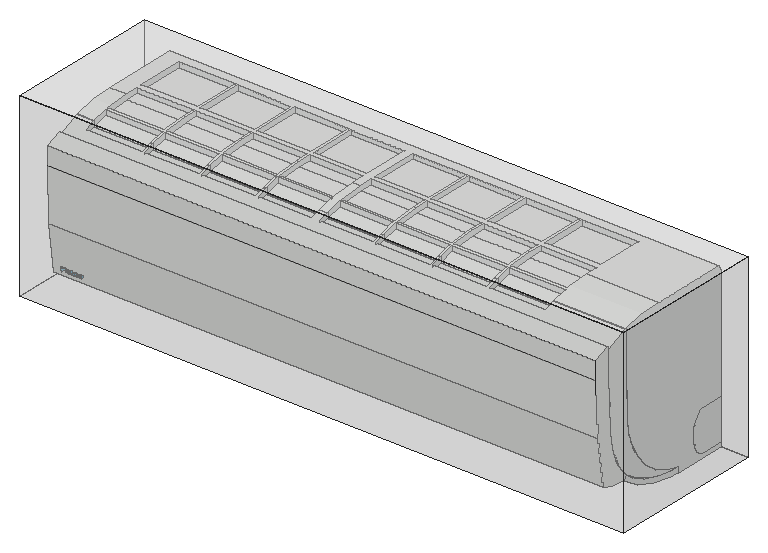
Revit family "outputfile", category 機械設備, Revit 2024
Family settings
  丸型コネクタ寸法 = 半径を使用
  パーツ タイプ = 標準
  OmniClass 番号 = 23.75.10.24.21.27.27
  OmniClass タイトル = Split System Air Conditioning Units
  作業面ベース = いいえ
  常に垂直 = はい
  ロード時にボイドで切り取り = いいえ
  注釈の向きを維持 = いいえ
  共有 = いいえ
  部屋計算ポイント = いいえ
Parameters (values of type "FTKC71TVM4")
  Description = ""
  書き出し IFC クラス(タイプ) = "IfcUnitaryEquipmentType"
  定義済み IFC タイプ(タイプ) = "AIRCONDITIONINGUNIT"
  Cost = 0
  Type Comments = ""
  Keynote = ""
  Type Image = (empty or 0)
  Assembly Code = ""
  w_wall hole = if(Width = 770.0 mm, 48.0 mm, 60.0 mm)  # 60.0 mm
  製造元 = "Daikin"
  モデル = "FTKC71TVM4"
  switch_frequency = yes
  r_Liquid Pipe Size = Liquid Pipe Size / 2  # 3.2 mm
  r_Gas Pipe Size = Gas Pipe Size / 2  # 7.95 mm
  r_Drain Pipe Size = Drain Pipe Size / 2  # 8.0 mm
  lw_powersupply [instance] = if(Width = 770.0 mm, if(or(Rear Right Connection_refrigerant, Bottom Right Connection_refrigerant), 30.0 mm, if(or(Rear Left Connection_refrigerant, Bottom Left Connection_refrigerant), 740.0 mm, 385.0 mm)), if(Width = 990.0 mm, if(or(Rear Right Connection_refrigerant, Bottom Right Connection_refrigerant), 80.0 mm, if(or(Rear Left Connection_refrigerant, Bottom Left Connection_refrigerant), 920.0 mm, 495.0 mm)), if(or(Rear Right Connection_refrigerant, Bottom Right Connection_refrigerant), 80.0 mm, if(or(Rear Left Connection_refrigerant, Bottom Left Connection_refrigerant), 920.0 mm, 495.0 mm))))  # 495.0 mm
  lw_liquidpipe [instance] = if(Width = 770.0 mm, if(or(Rear Right Connection_refrigerant, Bottom Right Connection_refrigerant), 0.0 mm, if(or(Rear Left Connection_refrigerant, Bottom Left Connection_refrigerant), 674.0 mm, 400.0 mm)), if(Width = 990.0 mm, if(or(Rear Right Connection_refrigerant, Bottom Right Connection_refrigerant), 9.0 mm, if(or(Rear Left Connection_refrigerant, Bottom Left Connection_refrigerant), 871.0 mm, 475.0 mm)), if(or(Rear Right Connection_refrigerant, Bottom Right Connection_refrigerant), 9.0 mm, if(or(Rear Left Connection_refrigerant, Bottom Left Connection_refrigerant), 871.0 mm, 475.0 mm))))  # 475.0 mm
  lw_gaspipe [instance] = if(Width = 770.0 mm, if(or(Rear Right Connection_refrigerant, Bottom Right Connection_refrigerant), 0.0 mm, if(or(Rear Left Connection_refrigerant, Bottom Left Connection_refrigerant), 674.0 mm, 350.0 mm)), if(Width = 990.0 mm, if(or(Rear Right Connection_refrigerant, Bottom Right Connection_refrigerant), 0.0 mm, if(or(Rear Left Connection_refrigerant, Bottom Left Connection_refrigerant), 880.0 mm, 400.0 mm)), if(or(Rear Right Connection_refrigerant, Bottom Right Connection_refrigerant), 0.0 mm, if(or(Rear Left Connection_refrigerant, Bottom Left Connection_refrigerant), 880.0 mm, 400.0 mm))))  # 400.0 mm
  lw_drainpipe [instance] = if(Width = 770.0 mm, if(or(Rear Right Connection_refrigerant, Bottom Right Connection_refrigerant), 0.0 mm, if(or(Rear Left Connection_refrigerant, Bottom Left Connection_refrigerant), 674.0 mm, 465.0 mm)), if(Width = 990.0 mm, if(or(Rear Right Connection_refrigerant, Bottom Right Connection_refrigerant), 0.0 mm, if(or(Rear Left Connection_refrigerant, Bottom Left Connection_refrigerant), 880.0 mm, 435.0 mm)), if(or(Rear Right Connection_refrigerant, Bottom Right Connection_refrigerant), 0.0 mm, if(or(Rear Left Connection_refrigerant, Bottom Left Connection_refrigerant), 880.0 mm, 435.0 mm))))  # 435.0 mm
  l_powersupply_length [instance] = if(Width = 770.0 mm, if(Right Connection_refrigerant, 385.0 mm, if(Left Connection_refrigerant, 385.0 mm, if(or(Rear Left Connection_refrigerant, Rear Right Connection_refrigerant), 15.0 mm, 50.0 mm))), if(Width = 990.0 mm, if(Right Connection_refrigerant, 495.0 mm, if(Left Connection_refrigerant, 495.0 mm, if(or(Rear Left Connection_refrigerant, Rear Right Connection_refrigerant), 15.0 mm, 50.0 mm))), if(Right Connection_refrigerant, 495.0 mm, if(Left Connection_refrigerant, 495.0 mm, if(or(Rear Left Connection_refrigerant, Rear Right Connection_refrigerant), 15.0 mm, 50.0 mm)))))  # 495.0 mm
  l_liquidpipe_length [instance] = if(Width = 770.0 mm, if(Right Connection_refrigerant, 448.0 mm, if(Left Connection_refrigerant, 322.0 mm, if(or(Rear Left Connection_refrigerant, Rear Right Connection_refrigerant), 30.0 mm, 40.0 mm))), if(Width = 990.0 mm, if(Right Connection_refrigerant, 535.0 mm, if(Left Connection_refrigerant, 455.0 mm, if(or(Rear Left Connection_refrigerant, Rear Right Connection_refrigerant), 30.0 mm, 40.0 mm))), if(Right Connection_refrigerant, 535.0 mm, if(Left Connection_refrigerant, 455.0 mm, if(or(Rear Left Connection_refrigerant, Rear Right Connection_refrigerant), 30.0 mm, 40.0 mm)))))  # 535.0 mm
  l_gaspipe_length [instance] = if(Width = 770.0 mm, if(Right Connection_refrigerant, 398.0 mm, if(Left Connection_refrigerant, 372.0 mm, if(or(Rear Left Connection_refrigerant, Rear Right Connection_refrigerant), 40.0 mm, 50.0 mm))), if(Width = 990.0 mm, if(Right Connection_refrigerant, 460.0 mm, if(Left Connection_refrigerant, 530.0 mm, if(or(Rear Left Connection_refrigerant, Rear Right Connection_refrigerant), 40.0 mm, 50.0 mm))), if(Right Connection_refrigerant, 460.0 mm, if(Left Connection_refrigerant, 530.0 mm, if(or(Rear Left Connection_refrigerant, Rear Right Connection_refrigerant), 40.0 mm, 50.0 mm)))))  # 460.0 mm
  l_drainpipe_length [instance] = if(Width = 770.0 mm, if(Right Connection_refrigerant, 513.0 mm, if(Left Connection_refrigerant, 257.0 mm, if(or(Rear Left Connection_refrigerant, Rear Right Connection_refrigerant), 15.0 mm, 20.0 mm))), if(Width = 990.0 mm, if(Right Connection_refrigerant, 495.0 mm, if(Left Connection_refrigerant, 495.0 mm, if(or(Rear Left Connection_refrigerant, Rear Right Connection_refrigerant), 15.0 mm, 20.0 mm))), if(Right Connection_refrigerant, 495.0 mm, if(Left Connection_refrigerant, 495.0 mm, if(or(Rear Left Connection_refrigerant, Rear Right Connection_refrigerant), 15.0 mm, 20.0 mm)))))  # 495.0 mm
  h*** = 0.0 mm  # constant formula
  connector_voltage = Voltage_50Hz  # 230 V
  connector_powerinput = [Power Input (Cooling)]  # 0.000 kW
  connector_phase = Phase_50Hz  # 1
  angle_vertical [instance] = if(or(Bottom Left Connection_refrigerant, Bottom Right Connection_refrigerant), 0.00°, 90.00°)  # 90.00°
  angle_horizontal [instance] = if(Right Connection_refrigerant, 90.00°, if(Left Connection_refrigerant, -90.00°, if(or(Rear Left Connection_refrigerant, Rear Right Connection_refrigerant), 180.00°, 0.00°)))  # 90.00°
  Width = 990.0 mm
  Voltage_comment_50Hz = "220 - 240"
  Voltage_50Hz = 230 V
  Version = "ver.1.0"
  Unit Type = "Wall Mounted"
  Unit Mass Weight = 13.00 kg
  Unit Designation [instance] = ""
  Uniclass2015Version = "Products v1.30"
  Uniclass2015Title = "Split coil room air conditioning units"
  Uniclass2015Code = "Pr_70_65_03_86"
  URL = ""
  Total Cooling Capacity [instance] = 0.000 kW
  Sound Pressure Level_M speed (dBA) = 42
  Sound Pressure Level_L speed (dBA) = 37
  Sound Pressure Level_H speed (dBA) = 46
  Sound Power Level_H speed (dB) = 0
  Series = "Single Split_Fan Coil Unit"
  Sensible Cooling Capacity [instance] = 0.000 kW
  Refrigerant Type = "R32"
  Power Input (Cooling) = 0.000 kW
  Phase_50Hz = 1
  Option Accessory 3 [instance] = ""
  Option Accessory 2 [instance] = ""
  Option Accessory 1 [instance] = ""
  Nominal Cooling Capacity = 7.100 kW
  Minimum Circuit Amps_50Hz = 0.0 A
  Minimum Airflow = 696.00 m³/h
  Median Airflow = 924.00 m³/h
  Maximum Fuse Amps_50Hz = 0.0 A
  Maximum Airflow = 1160.00 m³/h
  Material_Casing = DAIKIN_PureWhite_Casing_indoorunit
  Load Classification = HVAC
  Liquid Pipe Size = 6.4 mm
  Link_Nested Family [instance] = ""
  IfcVersion = ""
  IfcExportType = "AIRCONDITIONINGUNIT"
  IfcExportAs = "IfcUnitaryEquipmentType"
  Height = 295.0 mm
  Heat Exchanger Type = "Cross Fin Coil"
  Gas Pipe Size = 15.9 mm
  Frequency_50Hz = 50 Hz
  Fan Type = "Cross Flow Fan"
  Fan Drive = "Direct Drive"
  FCU Tag No. [instance] = ""
  Drain Pipe Size = 16.0 mm
  Design Supply Airflow [instance] = 0.00 m³/h
  Depth = 281.0 mm
  既定の高さ = 0.0 mm
  Cooling Entering Wet Bulb Temperature [instance] = 0.00 °C
  Cooling Entering Dry Bulb Temperature [instance] = 0.00 °C
  Cooling Ambient Wet Bulb Temperature [instance] = 0.00 °C
  Cooling Ambient Dry Bulb Temperature [instance] = 0.00 °C
  Clearance visibility [instance] = yes
  Clearance Top = 30.0 mm
  Clearance Right = 50.0 mm
  Clearance Rear = 0.0 mm
  Clearance Left = 50.0 mm
  Clearance Front = 0.0 mm
  Clearance Bottom = 0.0 mm
  Bottom Right Connection_refrigerant [instance] = no
  Bottom Left Connection_refrigerant [instance] = no
  Rear Right Connection_refrigerant [instance] = no
  Rear Left Connection_refrigerant [instance] = no
  Right Connection_refrigerant [instance] = yes
  Left Connection_refrigerant [instance] = no
Reference planes
  plane 1 "Back": y = 0
  plane 2: z = 0
  plane 3 "Center (Left/Right)": x = 0
  plane 4 "Center (Front/Back)": y = -140.5
  plane 5 "Front": y = -281
  plane 6 "Left": x = -495
  plane 7 "Right": x = 495
  plane 8 "Top": z = 0
  plane 9 "Bottom": z = -295
  plane 10: x = -545
  plane 11: x = 545
  plane 12: y = 0
  plane 13: y = -281
  plane 14: z = 30
  plane 15: z = -295
  plane 16 "lw_Piping and Wiring intake": x = 435
  plane 17 "lw_gaspipe": x = 35
  plane 18 "lw_liquidpipe": x = -40
  plane 19 "lw_drainpipe": x = 0
  plane 20 "lh_drainpipe": z = -275
  plane 21 "lh_liquidpipe": z = -255
  plane 22 "lh_gaspipe": z = -245
  plane 23 "ld_drainpipe": y = -15
  plane 24 "ld_liquidpipe": y = -30
  plane 25 "ld_gaspipe": y = -40
  plane 26 "lw_powersupply": x = 0
Dimensions and locks
  equal spacing: plane 6 "Left", plane 3 "Center (Left/Right)", plane 7 "Right"
  "Width": plane 6 "Left" to plane 7 "Right"
  equal spacing: plane 5 "Front", plane 4 "Center (Front/Back)", plane 1 "Back"
  "Depth": plane 5 "Front" to plane 1 "Back"
  "Height": plane 8 "Top" to plane 9 "Bottom"
  "Clearance Rear": plane 12 to plane 1 "Back"
  "Clearance Front": plane 13 to plane 5 "Front"
  "Clearance Top": plane 14 to plane 8 "Top"
  "Clearance Bottom": plane 9 "Bottom" to plane 15
  "w_wall hole": plane 16 "lw_Piping and Wiring intake" to plane 7 "Right"
  "lw_gaspipe": plane 17 "lw_gaspipe" to plane 16 "lw_Piping and Wiring intake"
  "lw_liquidpipe": plane 18 "lw_liquidpipe" to plane 16 "lw_Piping and Wiring intake"
  "lw_drainpipe": plane 19 "lw_drainpipe" to plane 16 "lw_Piping and Wiring intake"
  locked: plane 20 "lh_drainpipe" to plane 9 "Bottom" at 20
  locked: plane 21 "lh_liquidpipe" to plane 9 "Bottom" at 40
  locked: plane 22 "lh_gaspipe" to plane 9 "Bottom" at 50
  locked: plane 23 "ld_drainpipe" to plane 1 "Back" at 15
  locked: plane 1 "Back" to plane 24 "ld_liquidpipe" at 30
  locked: plane 1 "Back" to plane 25 "ld_gaspipe" at 40
  "lw_powersupply": plane 26 "lw_powersupply" to plane 7 "Right"
  "Clearance Right": plane 7 "Right" to plane 11
  "Clearance Left": plane 10 to plane 6 "Left"
  aligned and locked: level to plane 2
  aligned and locked: plane 12 to nested 1
  aligned and locked: nested 1 to plane 13
  aligned and locked: plane 10 to nested 1
  aligned and locked: plane 11 to nested 1
  aligned and locked: plane 15 to nested 1
  aligned and locked: plane 14 to nested 1
  aligned and locked: plane 17 "lw_gaspipe" to nested 2
  aligned and locked: nested 2 to plane 25 "ld_gaspipe"
  aligned and locked: plane 18 "lw_liquidpipe" to nested 3
  aligned and locked: nested 3 to plane 24 "ld_liquidpipe"
  aligned and locked: plane 19 "lw_drainpipe" to nested 4
  aligned and locked: nested 4 to plane 23 "ld_drainpipe"
  aligned and locked: nested 5 to plane 23 "ld_drainpipe"
  aligned and locked: plane 26 "lw_powersupply" to nested 5
  aligned and locked: level to plane 8 "Top"
  aligned and locked: plane 3 "Center (Left/Right)" to nested 6
  aligned and locked: plane 8 "Top" to nested 6
  aligned and locked: plane 1 "Back" to nested 6
Nested families
  nested 1: "daikin_clearancespace" at (0, -140.5, -132.381), show <- "Clearance visibility", visible <- "Clearance visibility", Link_Nested Family <- "Link_Nested Family", type "daikin_clearancespace"
    with width 1090.0 mm, show yes, height 325.0 mm, depth 281.0 mm, Link_Nested Family ""
  nested 2: "daikin_connector_rotate3" at (35, -40, -245), angle_vertical <- "angle_vertical", angle_horizontal <- "angle_horizontal", length <- "l_gaspipe_length", radius <- "r_Gas Pipe Size", type "daikin_connector_rotate3"
    with show no, radius 7.95 mm, length 460.0 mm, angle_vertical 90.00°, angle_horizontal 90.00°
  nested 3: "daikin_connector_rotate3" at (-40, -30, -255), angle_vertical <- "angle_vertical", angle_horizontal <- "angle_horizontal", radius <- "r_Liquid Pipe Size", length <- "l_liquidpipe_length", type "daikin_connector_rotate3"
    with show no, radius 3.2 mm, length 535.0 mm, angle_vertical 90.00°, angle_horizontal 90.00°
  nested 4: "daikin_connector_rotate3" at (0, -15, -275), angle_vertical <- "angle_vertical", angle_horizontal <- "angle_horizontal", length <- "l_drainpipe_length", radius <- "r_Drain Pipe Size", type "daikin_connector_rotate3"
    with show no, radius 8.0 mm, length 495.0 mm, angle_vertical 90.00°, angle_horizontal 90.00°
  nested 5: "daikin_connector_rotate3" at (0, -15, -245), angle_vertical <- "angle_vertical", angle_horizontal <- "angle_horizontal", length <- "l_powersupply_length", type "daikin_connector_rotate3"
    with show no, radius 10.0 mm, length 495.0 mm, angle_vertical 90.00°, angle_horizontal 90.00°
  nested 6: "DAIKIN_indoorunit_FTKC-TVM4" at (-31, 0, 0), type "FTKC-TVM4"
    with switch_unit1_50-71 yes, switch_unit1_15-35 no, Width 990.0 mm, Height 295.0 mm
Connectors
  piping at (495, -40, -245), diameter 15.9, driven by "r_Gas Pipe Size"
    settings: on nested 2, index 1, connector inside diameter 609.6 mm, connector length 0.0 mm, flow factor 0, pipe flow 0.00 m³/h, pressure drop 0.0 Pa, fitting loss kfactor 0, connector angle 0.00°, fixture units 0, engagement length 0.0 mm, angle of deflection 0.00°, flow configuration 1, flow direction 2, fitting loss method 0, system type 29, joint type 0, gender type 0, connector reference index -1, connector utility 0, adjustable connector no, is connector primary yes, connector description "Refrigerant Gas Piping"
  piping at (495, -30, -255), diameter 6.4, driven by "r_Liquid Pipe Size"
    settings: on nested 3, index 2, connector inside diameter 609.6 mm, connector length 0.0 mm, flow factor 0, pipe flow 0.00 m³/h, pressure drop 0.0 Pa, fitting loss kfactor 0, connector angle 0.00°, fixture units 0, engagement length 0.0 mm, angle of deflection 0.00°, flow configuration 1, flow direction 1, fitting loss method 0, system type 29, joint type 0, gender type 0, connector reference index -1, connector utility 0, adjustable connector no, is connector primary no, connector description "Refrigerant Liquid Piping"
  piping at (495, -15, -275), diameter 16, driven by "r_Drain Pipe Size"
    settings: on nested 4, index 3, connector inside diameter 609.6 mm, connector length 0.0 mm, flow factor 0, pipe flow 0.00 m³/h, pressure drop 0.0 Pa, fitting loss kfactor 0, connector angle 0.00°, fixture units 0, engagement length 0.0 mm, angle of deflection 0.00°, flow configuration 1, flow direction 2, fitting loss method 4, system type 16, joint type 0, gender type 0, connector reference index -1, connector utility 0, adjustable connector no, is connector primary no, connector description "Condensate Drain Piping"
  electrical at (495, -15, -245), driven by "Load Classification", driven by "connector_voltage", driven by "connector_powerinput", driven by "connector_phase"
    settings: on nested 5, index 4, voltage 230 V, apparent load 0 VA, apparent load phase1 0 VA, apparent load phase2 0 VA, apparent load phase3 0 VA, power factor 1, load classification "HVAC", number of poles 1, system type 30, power factor state 1, is connector primary yes, connector utility no, sub classification motor no, connector description "Power Supply"
Definition of nested family "daikin_clearancespace"
  Parameters (values of type "daikin_clearancespace")
    Description = "daikin_clearancespace"
    width [instance] = 1823.963 mm
    show [instance] = yes
    material = none
    height [instance] = 1359.762 mm
    depth [instance] = 880.0 mm
    Default Elevation = 0.0 mm
    Link_Nested Family [instance] = ""
  Reference planes
    plane 1 "Center (Front/Back)": y = 0
    plane 2 "Center (Elevation)": z = -0.119
    plane 3 "Center (Left/Right)": x = 0
    plane 4: y = 440
    plane 5: y = -440
    plane 6 "Right": x = 911.982
    plane 7 "Left": x = -911.982
    plane 8 "Top": z = 679.762
    plane 9 "Bottom": z = -680
  Forms (mm)
    Extrusion 1, solid, material <- "material", visible <- "show"
      sketch origin (0, 0, 0) x (1, 0, 0) y (0, 1, 0)
        loop
          line (-911.982, 440) -> (-911.982, -440) -> (911.982, -440) -> (911.982, 440) -> (-911.982, 440)
      from -680 to 679.762
  Lines and regions (mm)
    symbolic lines, visible <- "show"
      curve 1: line (911.982, 440, 0) -> (-911.982, 440, 0)
      curve 2: line (-911.982, 440, 0) -> (-911.982, -440, 0)
      curve 3: line (-911.982, -440, 0) -> (911.982, -440, 0)
      curve 4: line (911.982, -440, 0) -> (911.982, 440, 0)
      curve 5: line (911.982, 0, 679.762) -> (-911.982, 0, 679.762)
      curve 6: line (911.982, 0, -680) -> (911.982, 0, 679.762)
      curve 7: line (-911.982, 0, -680) -> (911.982, 0, -680)
      curve 8: line (-911.982, 0, 679.762) -> (-911.982, 0, -680)
      curve 9: line (0, 440, 679.762) -> (0, -440, 679.762)
      curve 10: line (0, -440, 679.762) -> (0, -440, -680)
      curve 11: line (0, 440, -680) -> (0, 440, 679.762)
      curve 12: line (0, -440, -680) -> (0, 440, -680)
  Dimensions and locks
    "width": plane 7 "Left" to plane 6 "Right"
    "depth": plane 4 to plane 5
    "height": plane 8 "Top" to plane 9 "Bottom"
    equal spacing: plane 7 "Left", plane 3 "Center (Left/Right)", plane 6 "Right"
    equal spacing: plane 4, plane 1 "Center (Front/Back)", plane 5
    equal spacing: plane 8 "Top", plane 2 "Center (Elevation)", plane 9 "Bottom"
    aligned and locked: level to plane 2 "Center (Elevation)"
    aligned and locked: Extrusion 1 sketch curve to plane 4
    aligned and locked: plane 7 "Left" to Extrusion 1 sketch curve
    aligned and locked: Extrusion 1 sketch curve to plane 5
    aligned and locked: Extrusion 1 sketch curve to plane 6 "Right"
    aligned and locked: plane 8 "Top" to Extrusion 1
    aligned and locked: curve 1 to Extrusion 1
    aligned and locked: curve 2 to Extrusion 1
    aligned and locked: curve 3 to Extrusion 1
    aligned and locked: curve 4 to Extrusion 1
    aligned and locked: curve 5 to Extrusion 1
    aligned and locked: curve 6 to Extrusion 1
    aligned and locked: curve 7 to Extrusion 1
    aligned and locked: curve 8 to Extrusion 1
    aligned and locked: curve 9 to Extrusion 1
    aligned and locked: curve 10 to Extrusion 1
    aligned and locked: curve 11 to Extrusion 1
    aligned and locked: curve 12 to Extrusion 1
    aligned and locked: Extrusion 1 to plane 9 "Bottom"
Definition of nested family "DAIKIN_indoorunit_FTKC-TVM4"
  Parameters (values of type "FTKC-TVM4")
    switch_unit1_50-71 = Width = 990.0 mm  # no
    switch_unit1_15-35 = Width = 770.0 mm  # yes
    Width = 770.0 mm
    Material_Casing = none
    Height = if(Width = 770.0 mm, 285.0 mm, 295.0 mm)  # 285.0 mm
    Default Elevation = 0.0 mm
  Reference planes
    plane 1 "Center (Front/Back)": y = 0
    plane 2 "reference_level": z = 0
    plane 3 "Center (Left/Right)": x = 31
    plane 4: x = -354
    plane 5: x = 416
    plane 6: y = -242
    plane 7: z = -285
    plane 8: x = -464
    plane 9: x = 526
    plane 10: y = -281
    plane 11: z = -295
  Forms (mm)
    Extrusion 1, solid, material <- "Material_Casing", visible <- "switch_unit1_15-35"
      sketch origin (31, 0, 0) x (0, 1, 0) y (0, 0, 1)
        loop
          line (-181.516, -252.416) -> (-177.432, -245.341)
          arc (-177.432, -245.341) -> (-187.602, -234.721) -> (-196.157, -222.761) r 103
          arc (-196.157, -222.761) -> (-204.858, -204.875) -> (-209.959, -185.65) r 103
          arc (-209.959, -185.65) -> (-211.672, -172.918) -> (-212.646, -160.108) r 222
          arc (-212.646, -160.108) -> (-214.738, -92.842) -> (-214.74, -25.543) r 2166.704
          line (-214.74, -25.543) -> (-242, -36.1) -> (-242, -144.253)
          arc (-242, -144.253) -> (-238.127, -195.07) -> (-226.597, -244.714) r 335.315
          arc (-226.597, -244.714) -> (-218.704, -249.531) -> (-209.718, -251.715) r 30
          arc (-209.718, -251.715) -> (-195.628, -252.481) -> (-181.516, -252.416) r 239.767
      from -385 to 385
    Extrusion 2, solid, material <- "Material_Casing", visible <- "switch_unit1_15-35"
      sketch origin (31, 0, 0) x (0, 1, 0) y (0, 0, 1)
        loop
          line (0, -8.5) -> (-113.618, -8.5)
          arc (-113.618, -8.5) -> (-146.846, -12.967) -> (-179.138, -21.983) r 242
          arc (-179.138, -21.983) -> (-179.047, -97.761) -> (-175.674, -173.465) r 1749.053
          arc (-175.674, -173.465) -> (-151.972, -235.488) -> (-97.504, -273.461) r 112.896
          line (-97.504, -273.461) -> (-97.504, -283.03)
          arc (-97.504, -283.03) -> (-89.849, -284.138) -> (-82.162, -285) r 240
          line (-82.162, -285) -> (0, -285) -> (0, -8.5)
      from -385 to 385
    Extrusion 3, solid, material <- "Material_Casing", visible <- "switch_unit1_15-35"
      sketch origin (31, 0, 0) x (0, 1, 0) y (0, 0, 1)
        loop
          arc (-98, 0) -> (-139.118, -3.405) -> (-179.116, -13.525) r 250
          arc (-179.116, -13.525) -> (-179.134, -17.754) -> (-179.138, -21.983) r 1232.815
          arc (-179.138, -21.983) -> (-146.846, -12.967) -> (-113.618, -8.5) r 242
          line (-113.618, -8.5) -> (0, -8.5) -> (-5, 0) -> (-98, 0)
      from -385 to 385
    Extrusion 4, solid, material <- "Material_Casing", visible <- "switch_unit1_15-35"
      sketch origin (31, 0, 0) x (0, 1, 0) y (0, 0, 1)
        loop
          arc (-179.116, -13.525) -> (-196.73, -20.321) -> (-213.781, -28.427) r 250
          arc (-213.781, -28.427) -> (-213.841, -32.971) -> (-213.891, -37.516) r 2163.952
          arc (-213.891, -37.516) -> (-196.821, -29.065) -> (-179.138, -21.983) r 242
          arc (-179.138, -21.983) -> (-179.134, -17.754) -> (-179.116, -13.525) r 1232.815
      from -385 to 385
    Extrusion 5, solid, material <- "Material_Casing", visible <- "switch_unit1_15-35"
      sketch origin (31, 0, 0) x (0, 1, 0) y (0, 0, 1)
        loop
          arc (-179.138, -21.983) -> (-196.821, -29.065) -> (-213.891, -37.516) r 242
          arc (-213.891, -37.516) -> (-213.638, -98.737) -> (-211.653, -159.927) r 2163.952
          arc (-211.653, -159.927) -> (-210.685, -172.747) -> (-208.973, -185.489) r 221
          arc (-208.973, -185.489) -> (-197.132, -219.133) -> (-174.432, -246.644) r 102
          arc (-174.432, -246.644) -> (-137.432, -263.767) -> (-98, -274.128) r 231.303
          line (-98, -274.128) -> (-98, -273.301)
          arc (-98, -273.301) -> (-152.132, -235.283) -> (-175.674, -173.465) r 112.896
          arc (-175.674, -173.465) -> (-179.047, -97.761) -> (-179.138, -21.983) r 1749.053
      from -385 to 385
    Extrusion 6, solid, material <- "Material_Casing", visible <- "switch_unit1_15-35"
      sketch origin (31, 0, 0) x (0, 1, 0) y (0, 0, 1)
        loop
          arc (-99, -274.668) -> (-139.156, -263.909) -> (-176.747, -246.156) r 232
          line (-176.747, -246.156) -> (-180.748, -253.084)
          arc (-180.748, -253.084) -> (-141.23, -271.668) -> (-99, -282.784) r 240
          line (-99, -282.784) -> (-99, -274.668)
      from 334 to 385
    Extrusion 7, solid, material <- "Material_Casing", visible <- "switch_unit1_15-35"
      sketch origin (31, 0, 0) x (0, 1, 0) y (0, 0, 1)
        loop
          arc (-99, -274.668) -> (-139.156, -263.909) -> (-176.747, -246.156) r 232
          line (-176.747, -246.156) -> (-180.748, -253.084)
          arc (-180.748, -253.084) -> (-141.23, -271.668) -> (-99, -282.784) r 240
          line (-99, -282.784) -> (-99, -274.668)
      from 267 to 333
    Extrusion 8, solid, material <- "Material_Casing", visible <- "switch_unit1_15-35"
      sketch origin (31, 0, 0) x (0, 1, 0) y (0, 0, 1)
        loop
          arc (-99, -274.668) -> (-139.156, -263.909) -> (-176.747, -246.156) r 232
          line (-176.747, -246.156) -> (-180.748, -253.084)
          arc (-180.748, -253.084) -> (-141.23, -271.668) -> (-99, -282.784) r 240
          line (-99, -282.784) -> (-99, -274.668)
      from -385 to -338.5
    Extrusion 9, solid, material <- "Material_Casing", visible <- "switch_unit1_15-35"
      sketch origin (31, 0, 0) x (0, 1, 0) y (0, 0, 1)
        loop
          arc (-118.787, -270.332) -> (-148.589, -260.214) -> (-176.747, -246.156) r 232
          line (-176.747, -246.156) -> (-180.748, -253.084)
          arc (-180.748, -253.084) -> (-152.638, -267.191) -> (-122.926, -277.5) r 240
          line (-122.926, -277.5) -> (-118.787, -270.332)
      from -335.5 to 264.6
    Extrusion 10, solid, material <- "Material_Casing", visible <- "switch_unit1_15-35"
      sketch origin (31, 0, 0) x (0, 1, 0) y (0, 0, 1)
        loop
          line (0, -276.246) -> (0, -216.246) -> (-30, -216.246)
          arc (-30, -216.246) -> (-44.142, -222.104) -> (-50, -236.246) r 20
          line (-50, -236.246) -> (-50, -256.246)
          arc (-50, -256.246) -> (-44.142, -270.388) -> (-30, -276.246) r 20
          line (-30, -276.246) -> (0, -276.246)
      from 380 to 385
    Extrusion 11, solid, material <- "Material_Casing", visible <- "switch_unit1_15-35"
      sketch origin (-734, 0, 0) x (0, 1, 0) y (0, 0, 1)
        loop
          line (0, -276.246) -> (0, -216.246) -> (-30, -216.246)
          arc (-30, -216.246) -> (-44.142, -222.104) -> (-50, -236.246) r 20
          line (-50, -236.246) -> (-50, -256.246)
          arc (-50, -256.246) -> (-44.142, -270.388) -> (-30, -276.246) r 20
          line (-30, -276.246) -> (0, -276.246)
      from 380 to 385
    Extrusion 12, solid, material <- "Material_Casing", visible <- "switch_unit1_15-35"
      sketch origin (4267.2, -957.059, -285) x (0, -1, 0) y (1, 0, 0)
        loop
          line (-957.059, -4610.2) -> (-927.059, -4610.2)
          arc (-927.059, -4610.2) -> (-912.917, -4604.342) -> (-907.059, -4590.2) r 20
          line (-907.059, -4590.2) -> (-907.059, -4570.2)
          arc (-907.059, -4570.2) -> (-912.917, -4556.058) -> (-927.059, -4550.2) r 20
          line (-927.059, -4550.2) -> (-957.059, -4550.2) -> (-957.059, -4610.2)
        loop
          line (-957.059, -3922.2) -> (-927.059, -3922.2)
          arc (-927.059, -3922.2) -> (-912.917, -3916.342) -> (-907.059, -3902.2) r 20
          line (-907.059, -3902.2) -> (-907.059, -3882.2)
          arc (-907.059, -3882.2) -> (-912.917, -3868.058) -> (-927.059, -3862.2) r 20
          line (-927.059, -3862.2) -> (-957.059, -3862.2) -> (-957.059, -3922.2)
      from 0 to 5
    Extrusion 13, solid, material <- "Material_Casing", visible <- "switch_unit1_15-35"
      sketch origin (0, 0, 0) x (1, 0, 0) y (0, 0, 1)
        loop
          circle (-306, -240.5) r 32.5
        loop
          circle (368, -240.5) r 32.5
      from 0 to 5
    Extrusion 14, void
      sketch origin (0, 0, 0) x (1, 0, 0) y (0, 1, 0)
        loop
          line (-324.5, -23.5) -> (-324.5, -100) -> (-221, -100) -> (-221, -23.5) -> (-324.5, -23.5)
        loop
          line (-324.5, -102) -> (-324.5, -180.5) -> (-221, -180.5) -> (-221, -102) -> (-324.5, -102)
        loop
          line (-221, -181.5) -> (-324.5, -181.5) -> (-324.5, -210) -> (-221, -210) -> (-221, -181.5)
        loop
          line (-219, -23.5) -> (-219, -100) -> (-120, -100) -> (-120, -23.5) -> (-219, -23.5)
        loop
          line (-219, -102) -> (-219, -180.5) -> (-120, -180.5) -> (-120, -102) -> (-219, -102)
        loop
          line (-120, -181.5) -> (-219, -181.5) -> (-219, -210) -> (-120, -210) -> (-120, -181.5)
        loop
          line (92, -23.5) -> (92, -100) -> (191, -100) -> (191, -23.5) -> (92, -23.5)
        loop
          line (92, -102) -> (92, -180.5) -> (191, -180.5) -> (191, -102) -> (92, -102)
        loop
          line (191, -181.5) -> (92, -181.5) -> (92, -210) -> (191, -210) -> (191, -181.5)
        loop
          line (193, -23.5) -> (193, -100) -> (296.5, -100) -> (296.5, -23.5) -> (193, -23.5)
        loop
          line (193, -102) -> (193, -180.5) -> (296.5, -180.5) -> (296.5, -102) -> (193, -102)
        loop
          line (296.5, -181.5) -> (193, -181.5) -> (193, -210) -> (296.5, -210) -> (296.5, -181.5)
        loop
          line (-118, -23.5) -> (-118, -100) -> (90, -100) -> (90, -23.5) -> (-118, -23.5)
        loop
          line (-118, -102) -> (-118, -180.5) -> (90, -180.5) -> (90, -102) -> (-118, -102)
        loop
          line (-118, -181.5) -> (-118, -210) -> (90, -210) -> (90, -181.5) -> (-118, -181.5)
      from -45.568 to 39.59
    Extrusion 15, solid, material <- "Material_Casing", visible <- "switch_unit1_50-71"
      sketch origin (31, 0, 0) x (0, 1, 0) y (0, 0, 1)
        loop
          line (-219.505, -253.208) -> (-214.063, -245.993)
          arc (-214.063, -245.993) -> (-226.305, -232.688) -> (-235.972, -217.41) r 100.737
          arc (-235.972, -217.41) -> (-246.359, -189.681) -> (-251.069, -160.448) r 149.292
          arc (-251.069, -160.448) -> (-253.267, -112.746) -> (-254, -65) r 1555.387
          line (-254, -65) -> (-254, -22.209) -> (-280.96, -32.522) -> (-281, -65.309)
          arc (-281, -65.309) -> (-280.275, -112.896) -> (-278.119, -160.439) r 1582.495
          arc (-278.119, -160.439) -> (-274.11, -202.042) -> (-267, -243.228) r 558.201
          arc (-267, -243.228) -> (-249.058, -250.67) -> (-229.801, -253.208) r 74.313
          line (-229.801, -253.208) -> (-219.505, -253.208)
      from -495 to 495
    Extrusion 16, solid, material <- "Material_Casing", visible <- "switch_unit1_50-71"
      sketch origin (31, 0, 0) x (0, 1, 0) y (0, 0, 1)
        loop
          arc (-100.5, -284.747) -> (-179.919, -239.801) -> (-212.343, -154.5) r 134.438
          arc (-212.343, -154.5) -> (-213.586, -109.758) -> (-214, -65) r 2418.229
          line (-214, -65) -> (-214, -20.481)
          arc (-214, -20.481) -> (-233.83, -27.507) -> (-253, -36.176) r 250
          line (-253, -36.176) -> (-253, -65)
          arc (-253, -65) -> (-252.267, -112.716) -> (-250.07, -160.386) r 1554.382
          arc (-250.07, -160.386) -> (-245.365, -189.53) -> (-234.983, -217.165) r 148.387
          arc (-234.983, -217.165) -> (-218.057, -240.73) -> (-195.079, -258.444) r 100
          arc (-195.079, -258.444) -> (-149.468, -277.868) -> (-100.5, -285.595) r 201.939
          line (-100.5, -285.595) -> (-100.5, -284.747)
      from -495 to 495
    Extrusion 17, solid, material <- "Material_Casing", visible <- "switch_unit1_50-71"
      sketch origin (31, 0, 0) x (0, 1, 0) y (0, 0, 1)
        loop
          arc (-214, -65) -> (-213.586, -109.758) -> (-212.343, -154.5) r 2418.229
          arc (-212.343, -154.5) -> (-178.254, -241.703) -> (-95.5, -285.502) r 134.438
          line (-95.5, -285.502) -> (-95.5, -295) -> (0, -295) -> (0, -9) -> (-140.5, -9)
          arc (-140.5, -9) -> (-177.696, -11.888) -> (-214, -20.481) r 241
          line (-214, -20.481) -> (-214, -65)
      from -495 to 495
    Extrusion 18, solid, material <- "Material_Casing", visible <- "switch_unit1_50-71"
      sketch origin (31, 0, 0) x (0, 1, 0) y (0, 0, 1)
        loop
          line (-213.317, -246.664) -> (-219.196, -254.466)
          arc (-219.196, -254.466) -> (-168.535, -282.168) -> (-112.23, -294.964) r 209.168
          arc (-112.23, -294.964) -> (-111.806, -294.991) -> (-111.381, -295) r 10
          line (-111.381, -295) -> (-96.5, -295) -> (-96.5, -286) -> (-111.136, -286)
          arc (-111.136, -286) -> (-154.838, -277.36) -> (-195.568, -259.316) r 201.22
          arc (-195.568, -259.316) -> (-204.785, -253.47) -> (-213.317, -246.664) r 101
      from 445 to 495
    Extrusion 19, solid, material <- "Material_Casing", visible <- "switch_unit1_50-71"
      sketch origin (-464, 2327.908, 1200) x (0, 1, 0) y (0, 0, 1)
        loop
          line (-2541.225, -1446.664) -> (-2547.104, -1454.466)
          arc (-2547.104, -1454.466) -> (-2496.443, -1482.168) -> (-2440.138, -1494.964) r 209.168
          arc (-2440.138, -1494.964) -> (-2439.714, -1494.991) -> (-2439.289, -1495) r 10
          line (-2439.289, -1495) -> (-2424.408, -1495) -> (-2424.408, -1486) -> (-2439.044, -1486)
          arc (-2439.044, -1486) -> (-2482.746, -1477.36) -> (-2523.476, -1459.316) r 201.22
          arc (-2523.476, -1459.316) -> (-2532.693, -1453.47) -> (-2541.225, -1446.664) r 101
      from 0 to 45
    Extrusion 20, solid, material <- "Material_Casing", visible <- "switch_unit1_50-71"
      sketch origin (31, 0, 0) x (0, 1, 0) y (0, 0, 1)
        loop
          line (-213.317, -246.664) -> (-219.196, -254.466)
          arc (-219.196, -254.466) -> (-168.535, -282.168) -> (-112.23, -294.964) r 209.168
          arc (-112.23, -294.964) -> (-111.806, -294.991) -> (-111.381, -295) r 10
          line (-111.381, -295) -> (-96.5, -295) -> (-96.5, -286) -> (-111.136, -286)
          arc (-111.136, -286) -> (-154.838, -277.36) -> (-195.568, -259.316) r 201.22
          arc (-195.568, -259.316) -> (-204.785, -253.47) -> (-213.317, -246.664) r 101
      from 348 to 444
    Extrusion 21, solid, material <- "Material_Casing", visible <- "switch_unit1_50-71"
      sketch origin (31, 0, 0) x (0, 1, 0) y (0, 0, 1)
        loop
          line (-213.317, -246.664) -> (-219.196, -254.466)
          arc (-219.196, -254.466) -> (-180.878, -277.039) -> (-138.653, -291) r 209.168
          line (-138.653, -291) -> (-132.632, -283.01)
          arc (-132.632, -283.01) -> (-165.097, -273.811) -> (-195.568, -259.316) r 201.22
          arc (-195.568, -259.316) -> (-204.785, -253.47) -> (-213.317, -246.664) r 101
      from -442 to 343
    Extrusion 22, solid, material <- "Material_Casing", visible <- "switch_unit1_50-71"
      sketch origin (31, 0, 0) x (0, 1, 0) y (0, 0, 1)
        loop
          arc (-214, -11.049) -> (-233.83, -18.074) -> (-253, -26.743) r 250
          line (-253, -26.743) -> (-253, -36.176)
          arc (-253, -36.176) -> (-233.83, -27.507) -> (-214, -20.481) r 250
          line (-214, -20.481) -> (-214, -11.049)
      from -495 to 495
    Extrusion 23, solid, material <- "Material_Casing", visible <- "switch_unit1_50-71"
      sketch origin (31, 0, 0) x (0, 1, 0) y (0, 0, 1)
        loop
          arc (-140.5, 0) -> (-177.663, -2.778) -> (-214, -11.049) r 250
          line (-214, -11.049) -> (-214, -20.481)
          arc (-214, -20.481) -> (-177.696, -11.888) -> (-140.5, -9) r 241
          line (-140.5, -9) -> (0, -9) -> (-5, 0) -> (-140.5, 0)
      from -495 to 495
    Extrusion 24, void
      sketch origin (0, 0, 0) x (1, 0, 0) y (0, 1, 0)
        loop
          line (-434, -22.7) -> (-434, -107.9) -> (-332, -107.9) -> (-332, -22.7) -> (-434, -22.7)
        loop
          line (-332, -116.9) -> (-434, -116.9) -> (-434, -183.4) -> (-332, -183.4) -> (-332, -116.9)
        loop
          line (-332, -187.9) -> (-434, -187.9) -> (-434, -231.9) -> (-332, -231.9) -> (-332, -187.9)
        loop
          line (-327.8, -22.7) -> (-327.8, -107.9) -> (-229.6, -107.9) -> (-229.6, -22.7) -> (-327.8, -22.7)
        loop
          line (-229.6, -116.9) -> (-327.8, -116.9) -> (-327.8, -183.4) -> (-229.6, -183.4) -> (-229.6, -116.9)
        loop
          line (-229.6, -187.9) -> (-327.8, -187.9) -> (-327.8, -231.9) -> (-229.6, -231.9) -> (-229.6, -187.9)
        loop
          line (-225.4, -22.7) -> (-225.4, -107.9) -> (-127.2, -107.9) -> (-127.2, -22.7) -> (-225.4, -22.7)
        loop
          line (-127.2, -116.9) -> (-225.4, -116.9) -> (-225.4, -183.4) -> (-127.2, -183.4) -> (-127.2, -116.9)
        loop
          line (-127.2, -187.9) -> (-225.4, -187.9) -> (-225.4, -231.9) -> (-127.2, -231.9) -> (-127.2, -187.9)
        loop
          line (-123, -22.7) -> (-123, -107.9) -> (-26, -107.9) -> (-26, -22.7) -> (-123, -22.7)
        loop
          line (-26, -116.9) -> (-123, -116.9) -> (-123, -183.4) -> (-26, -183.4) -> (-26, -116.9)
        loop
          line (-26, -187.9) -> (-123, -187.9) -> (-123, -231.9) -> (-26, -231.9) -> (-26, -187.9)
        loop
          line (396, -22.7) -> (294, -22.7) -> (294, -107.9) -> (396, -107.9) -> (396, -22.7)
        loop
          line (294, -116.9) -> (294, -183.4) -> (396, -183.4) -> (396, -116.9) -> (294, -116.9)
        loop
          line (294, -187.9) -> (294, -231.9) -> (396, -231.9) -> (396, -187.9) -> (294, -187.9)
        loop
          line (289.8, -22.7) -> (191.6, -22.7) -> (191.6, -107.9) -> (289.8, -107.9) -> (289.8, -22.7)
        loop
          line (191.6, -116.9) -> (191.6, -183.4) -> (289.8, -183.4) -> (289.8, -116.9) -> (191.6, -116.9)
        loop
          line (191.6, -187.9) -> (191.6, -231.9) -> (289.8, -231.9) -> (289.8, -187.9) -> (191.6, -187.9)
        loop
          line (187.4, -22.7) -> (89.2, -22.7) -> (89.2, -107.9) -> (187.4, -107.9) -> (187.4, -22.7)
        loop
          line (89.2, -116.9) -> (89.2, -183.4) -> (187.4, -183.4) -> (187.4, -116.9) -> (89.2, -116.9)
        loop
          line (89.2, -187.9) -> (89.2, -231.9) -> (187.4, -231.9) -> (187.4, -187.9) -> (89.2, -187.9)
        loop
          line (85, -22.7) -> (-12, -22.7) -> (-12, -107.9) -> (85, -107.9) -> (85, -22.7)
        loop
          line (-12, -116.9) -> (-12, -183.4) -> (85, -183.4) -> (85, -116.9) -> (-12, -116.9)
        loop
          line (-12, -187.9) -> (-12, -231.9) -> (85, -231.9) -> (85, -187.9) -> (-12, -187.9)
      from -47.376 to 34.635
    Extrusion 25, solid, material <- "Material_Casing", visible <- "switch_unit1_50-71"
      sketch origin (31, 0, 0) x (0, 1, 0) y (0, 0, 1)
        loop
          line (0, -287) -> (0, -214.4) -> (-35.8, -214.4)
          arc (-35.8, -214.4) -> (-52.771, -221.429) -> (-59.8, -238.4) r 24
          line (-59.8, -238.4) -> (-59.8, -263)
          arc (-59.8, -263) -> (-52.771, -279.971) -> (-35.8, -287) r 24
          line (-35.8, -287) -> (0, -287)
      from 490 to 495
    Extrusion 26, solid, material <- "Material_Casing", visible <- "switch_unit1_50-71"
      sketch origin (-954, 0, 0) x (0, 1, 0) y (0, 0, 1)
        loop
          line (0, -287) -> (0, -214.4) -> (-35.8, -214.4)
          arc (-35.8, -214.4) -> (-52.771, -221.429) -> (-59.8, -238.4) r 24
          line (-59.8, -238.4) -> (-59.8, -263)
          arc (-59.8, -263) -> (-52.771, -279.971) -> (-35.8, -287) r 24
          line (-35.8, -287) -> (0, -287)
      from 490 to 495
    Extrusion 27, solid, material <- "Material_Casing", visible <- "switch_unit1_50-71"
      sketch origin (0, 0, 0) x (1, 0, 0) y (0, 0, 1)
        loop
          circle (-416, -250.5) r 40
        loop
          circle (466, -250.5) r 40
      from 0 to 5
    Extrusion 28, solid, material <- "Material_Casing", visible <- "switch_unit1_50-71"
      sketch origin (4267.2, -957.059, -295) x (0, -1, 0) y (1, 0, 0)
        loop
          line (-957.059, -4705) -> (-921.259, -4705)
          arc (-921.259, -4705) -> (-904.289, -4697.971) -> (-897.259, -4681) r 24
          line (-897.259, -4681) -> (-897.259, -4656.4)
          arc (-897.259, -4656.4) -> (-904.289, -4639.429) -> (-921.259, -4632.4) r 24
          line (-921.259, -4632.4) -> (-957.059, -4632.4) -> (-957.059, -4705)
        loop
          line (-957.059, -3840) -> (-921.259, -3840)
          arc (-921.259, -3840) -> (-904.289, -3832.971) -> (-897.259, -3816) r 24
          line (-897.259, -3816) -> (-897.259, -3791.4)
          arc (-897.259, -3791.4) -> (-904.289, -3774.429) -> (-921.259, -3767.4) r 24
          line (-921.259, -3767.4) -> (-957.059, -3767.4) -> (-957.059, -3840)
      from 0 to 5
  Cuts and joins
    Extrusion 14 cuts Extrusion 4
    Extrusion 14 cuts Extrusion 3
    Extrusion 24 cuts Extrusion 22
    joined: Extrusion 16, Extrusion 22
    Extrusion 24 cuts Extrusion 23
    joined: Extrusion 17, Extrusion 23
  Dimensions and locks
    plane 4 to plane 5 = 770.0 mm
    equal spacing: plane 4, plane 3 "Center (Left/Right)", plane 5
    plane 6 to plane 1 "Center (Front/Back)" = 242.0 mm
    level to plane 7 = 285.0 mm
    locked: Extrusion 13 sketch curve to plane 4 at 48
    locked: plane 5 to Extrusion 13 sketch curve at 48
    locked: Extrusion 13 sketch curve to plane 7 at 44.5  (x2)
    locked: nested 1 to plane 4 at 15
    plane 8 to plane 9 = 990.0 mm
    equal spacing: plane 8, plane 3 "Center (Left/Right)", plane 9
    plane 10 to plane 1 "Center (Front/Back)" = 281.0 mm
    plane 2 "reference_level" to plane 11 = 295.0 mm
    locked: nested 2 to plane 8 at 15
    radius of Extrusion 13 sketch curve = 32.5 mm  (x2)
    radius of Extrusion 27 sketch curve = 40.0 mm  (x2)
    aligned and locked: level to plane 2 "reference_level"
  Automatic sketch dimensions
    Extrusion 1 sketch curve to Extrusion 1 sketch curve = 0.0 mm  (x2)
    Extrusion 1 sketch curve to plane 6 = 0.0 mm
    Extrusion 1 sketch curve to plane 6 = 27.26 mm
    Extrusion 1 sketch curve to plane 6 = 34.79 mm
    Extrusion 1 sketch curve to level = 12.788 mm
    Extrusion 1 sketch curve to Extrusion 1 sketch curve = 25.072 mm
    Extrusion 1 sketch curve to Extrusion 1 sketch curve = 25.693 mm
    Extrusion 1 sketch curve to Extrusion 1 sketch curve = 4.085 mm
    Extrusion 1 sketch curve to Extrusion 1 sketch curve = 69.113 mm
    Extrusion 1 sketch curve to plane 1 "Center (Front/Back)" = 9.11 mm
    Extrusion 1 sketch curve to Extrusion 1 sketch curve = 84.204 mm
    Extrusion 1 sketch curve to level = 59.12 mm
    Extrusion 1 sketch curve to Extrusion 1 sketch curve = 1858.389 mm
    plane 7 to Extrusion 1 sketch curve = 140.747 mm
    Extrusion 1 sketch curve to Extrusion 1 sketch curve = 5.448 mm
    Extrusion 1 sketch curve to Extrusion 1 sketch curve = 19.271 mm
    plane 7 to Extrusion 1 sketch curve = 63.18 mm
    Extrusion 1 sketch curve to Extrusion 1 sketch curve = 23.521 mm
    Extrusion 1 sketch curve to Extrusion 1 sketch curve = 7.075 mm
    Extrusion 1 sketch curve to level = 36.1 mm
    Extrusion 1 sketch curve to level = 25.543 mm
    Extrusion 1 sketch curve to plane 6 = 15.403 mm
    Extrusion 1 sketch curve to Extrusion 1 sketch curve = 2.686 mm
    Extrusion 1 sketch curve to Extrusion 1 sketch curve = 11.052 mm
    Extrusion 2 sketch curve to plane 7 = 0.0 mm
    Extrusion 2 sketch curve to plane 1 "Center (Front/Back)" = 0.0 mm
    plane 1 "Center (Front/Back)" to Extrusion 2 sketch curve = 59.278 mm
    plane 1 "Center (Front/Back)" to Extrusion 2 sketch curve = 63.028 mm
    Extrusion 2 sketch curve to Extrusion 2 sketch curve = 82.162 mm
    plane 7 to Extrusion 2 sketch curve = 1.97 mm
    Extrusion 2 sketch curve to Extrusion 2 sketch curve = 15.342 mm
    plane 7 to Extrusion 2 sketch curve = 11.539 mm
    Extrusion 2 sketch curve to Extrusion 2 sketch curve = 0.0 mm
    Extrusion 2 sketch curve to Extrusion 2 sketch curve = 0.565 mm
    Extrusion 2 sketch curve to level = 8.5 mm
    Extrusion 2 sketch curve to Extrusion 2 sketch curve = 54.34 mm
    Extrusion 2 sketch curve to level = 57.766 mm
    Extrusion 2 sketch curve to plane 1 "Center (Front/Back)" = 1569.548 mm
    Extrusion 2 sketch curve to Extrusion 2 sketch curve = 23.461 mm
    Extrusion 2 sketch curve to Extrusion 2 sketch curve = 84.042 mm
    Extrusion 2 sketch curve to plane 6 = 66.326 mm
    Extrusion 3 sketch curve to level = 0.0 mm
    Extrusion 3 sketch curve to plane 1 "Center (Front/Back)" = 0.0 mm
    plane 1 "Center (Front/Back)" to Extrusion 3 sketch curve = 5.0 mm
    Extrusion 3 sketch curve to Extrusion 3 sketch curve = 93.0 mm
    Extrusion 3 sketch curve to Extrusion 3 sketch curve = 0.07 mm
    Extrusion 3 sketch curve to level = 8.5 mm
    Extrusion 3 sketch curve to Extrusion 3 sketch curve = 15.618 mm
    Extrusion 3 sketch curve to level = 21.073 mm
    Extrusion 3 sketch curve to plane 1 "Center (Front/Back)" = 1053.676 mm
    plane 7 to Extrusion 3 sketch curve = 35.0 mm
    Extrusion 3 sketch curve to Extrusion 3 sketch curve = 0.0 mm
    Extrusion 3 sketch curve to level = 13.525 mm
    plane 7 to Extrusion 4 sketch curve = 35.0 mm
    plane 1 "Center (Front/Back)" to Extrusion 4 sketch curve = 98.07 mm
    Extrusion 4 sketch curve to Extrusion 4 sketch curve = 0.07 mm
    Extrusion 4 sketch curve to level = 21.073 mm
    Extrusion 4 sketch curve to plane 1 "Center (Front/Back)" = 1053.676 mm
    Extrusion 4 sketch curve to level = 59.178 mm
    Extrusion 4 sketch curve to Extrusion 4 sketch curve = 896.276 mm
    Extrusion 4 sketch curve to Extrusion 4 sketch curve = 0.0 mm
    Extrusion 4 sketch curve to level = 13.525 mm
    Extrusion 4 sketch curve to plane 6 = 62.884 mm
    Extrusion 4 sketch curve to Extrusion 4 sketch curve = 0.023 mm
    Extrusion 4 sketch curve to plane 6 = 28.219 mm
    plane 1 "Center (Front/Back)" to Extrusion 5 sketch curve = 108.319 mm
    Extrusion 5 sketch curve to Extrusion 5 sketch curve = 10.249 mm
    plane 7 to Extrusion 5 sketch curve = 11.699 mm
    Extrusion 5 sketch curve to Extrusion 5 sketch curve = 0.07 mm
    Extrusion 5 sketch curve to Extrusion 5 sketch curve = 45.291 mm
    Extrusion 5 sketch curve to level = 46.109 mm
    plane 1 "Center (Front/Back)" to Extrusion 5 sketch curve = 59.163 mm
    Extrusion 5 sketch curve to plane 1 "Center (Front/Back)" = 9.11 mm
    Extrusion 5 sketch curve to level = 57.766 mm
    Extrusion 5 sketch curve to Extrusion 5 sketch curve = 1560.438 mm
    Extrusion 5 sketch curve to level = 59.178 mm
    Extrusion 5 sketch curve to Extrusion 5 sketch curve = 380.404 mm
    Extrusion 5 sketch curve to Extrusion 5 sketch curve = 0.828 mm
    Extrusion 5 sketch curve to Extrusion 5 sketch curve = 23.301 mm
    Extrusion 5 sketch curve to Extrusion 5 sketch curve = 81.029 mm
    Extrusion 5 sketch curve to Extrusion 5 sketch curve = 3.012 mm
    Extrusion 5 sketch curve to Extrusion 5 sketch curve = 16.258 mm
    plane 7 to Extrusion 5 sketch curve = 38.356 mm
    Extrusion 5 sketch curve to Extrusion 5 sketch curve = 33.299 mm
    Extrusion 5 sketch curve to level = 21.983 mm
    Extrusion 5 sketch curve to Extrusion 5 sketch curve = 0.0 mm
    Extrusion 5 sketch curve to Extrusion 5 sketch curve = 2.68 mm
    Extrusion 6 sketch curve to Extrusion 6 sketch curve = 0.0 mm  (x3)
    Extrusion 6 sketch curve to plane 6 = 61.252 mm
    Extrusion 6 sketch curve to Extrusion 6 sketch curve = 4.0 mm
    plane 7 to Extrusion 6 sketch curve = 10.332 mm
    Extrusion 6 sketch curve to Extrusion 6 sketch curve = 77.747 mm
    plane 7 to Extrusion 6 sketch curve = 2.216 mm
    plane 1 "Center (Front/Back)" to Extrusion 6 sketch curve = 59.278 mm
    Extrusion 6 sketch curve to Extrusion 6 sketch curve = 21.583 mm
    Extrusion 7 sketch curve to Extrusion 7 sketch curve = 0.0 mm  (x3)
    Extrusion 7 sketch curve to plane 6 = 61.252 mm
    Extrusion 7 sketch curve to Extrusion 7 sketch curve = 4.0 mm
    plane 7 to Extrusion 7 sketch curve = 10.332 mm
    Extrusion 7 sketch curve to Extrusion 7 sketch curve = 77.747 mm
    plane 7 to Extrusion 7 sketch curve = 2.216 mm
    plane 1 "Center (Front/Back)" to Extrusion 7 sketch curve = 59.278 mm
    Extrusion 7 sketch curve to Extrusion 7 sketch curve = 21.583 mm
    Extrusion 8 sketch curve to Extrusion 8 sketch curve = 0.0 mm  (x3)
    Extrusion 8 sketch curve to plane 6 = 61.252 mm
    Extrusion 8 sketch curve to Extrusion 8 sketch curve = 4.0 mm
    plane 7 to Extrusion 8 sketch curve = 10.332 mm
    Extrusion 8 sketch curve to Extrusion 8 sketch curve = 77.747 mm
    plane 7 to Extrusion 8 sketch curve = 2.216 mm
    plane 1 "Center (Front/Back)" to Extrusion 8 sketch curve = 59.278 mm
    Extrusion 8 sketch curve to Extrusion 8 sketch curve = 21.583 mm
    Extrusion 9 sketch curve to Extrusion 9 sketch curve = 0.0 mm  (x2)
    Extrusion 9 sketch curve to plane 6 = 61.252 mm
    plane 7 to Extrusion 9 sketch curve = 38.844 mm
    Extrusion 9 sketch curve to Extrusion 9 sketch curve = 4.0 mm
    plane 7 to Extrusion 9 sketch curve = 7.5 mm
    Extrusion 9 sketch curve to Extrusion 9 sketch curve = 53.821 mm
    plane 7 to Extrusion 9 sketch curve = 14.668 mm
    Extrusion 9 sketch curve to Extrusion 9 sketch curve = 4.139 mm
    Extrusion 9 sketch curve to level = 46.093 mm
    Extrusion 10 sketch curve to plane 1 "Center (Front/Back)" = 0.0 mm
    plane 1 "Center (Front/Back)" to Extrusion 10 sketch curve = 30.0 mm  (x2)
    Extrusion 10 sketch curve to Extrusion 10 sketch curve = 20.0 mm  (x2)
    plane 7 to Extrusion 10 sketch curve = 8.754 mm
    Extrusion 11 sketch curve to plane 1 "Center (Front/Back)" = 0.0 mm
    plane 1 "Center (Front/Back)" to Extrusion 11 sketch curve = 30.0 mm  (x2)
    Extrusion 11 sketch curve to Extrusion 11 sketch curve = 20.0 mm  (x2)
    plane 7 to Extrusion 11 sketch curve = 8.754 mm
    plane 1 "Center (Front/Back)" to Extrusion 12 sketch curve = 0.0 mm  (x2)
    plane 1 "Center (Front/Back)" to Extrusion 12 sketch curve = 30.0 mm  (x2)
    Extrusion 12 sketch curve to Extrusion 12 sketch curve = 0.0 mm  (x2)
    Extrusion 12 sketch curve to Extrusion 12 sketch curve = 20.0 mm  (x4)
    plane 4 to Extrusion 12 sketch curve = 11.0 mm
    Extrusion 12 sketch curve to plane 5 = 71.0 mm
    plane 4 to Extrusion 14 sketch curve = 29.5 mm  (x2)
    Extrusion 14 sketch curve to Extrusion 14 sketch curve = 0.0 mm  (x21)
    Extrusion 14 sketch curve to Extrusion 14 sketch curve = 103.5 mm  (x2)
    Extrusion 14 sketch curve to Extrusion 14 sketch curve = 2.0 mm  (x13)
    Extrusion 14 sketch curve to Extrusion 14 sketch curve = 99.0 mm  (x2)
    plane 3 "Center (Left/Right)" to Extrusion 14 sketch curve = 59.0 mm  (x2)
    plane 1 "Center (Front/Back)" to Extrusion 14 sketch curve = 23.5 mm  (x3)
    Extrusion 14 sketch curve to Extrusion 14 sketch curve = 76.5 mm
    plane 1 "Center (Front/Back)" to Extrusion 14 sketch curve = 100.0 mm  (x3)
    Extrusion 14 sketch curve to plane 6 = 61.5 mm  (x3)
    Extrusion 14 sketch curve to Extrusion 14 sketch curve = 1.0 mm  (x5)
    Extrusion 14 sketch curve to Extrusion 14 sketch curve = 28.5 mm  (x3)
    plane 10 to Extrusion 15 sketch curve = 0.0 mm
    Extrusion 15 sketch curve to plane 10 = 0.04 mm
    plane 6 to Extrusion 15 sketch curve = 12.0 mm
    Extrusion 15 sketch curve to plane 6 = 12.199 mm
    Extrusion 15 sketch curve to Extrusion 15 sketch curve = 10.296 mm
    Extrusion 15 sketch curve to Extrusion 15 sketch curve = 5.442 mm
    Extrusion 15 sketch curve to Extrusion 15 sketch curve = 83.447 mm
    Extrusion 15 sketch curve to Extrusion 15 sketch curve = 44.305 mm
    Extrusion 15 sketch curve to level = 127.737 mm
    Extrusion 15 sketch curve to plane 1 "Center (Front/Back)" = 279.123 mm
    Extrusion 15 sketch curve to level = 65.0 mm
    Extrusion 15 sketch curve to Extrusion 15 sketch curve = 1022.264 mm
    Extrusion 15 sketch curve to Extrusion 15 sketch curve = 0.108 mm
    Extrusion 15 sketch curve to level = 151.435 mm
    Extrusion 15 sketch curve to Extrusion 15 sketch curve = 19.97 mm
    Extrusion 15 sketch curve to Extrusion 15 sketch curve = 7.49 mm
    Extrusion 15 sketch curve to level = 245.993 mm
    Extrusion 15 sketch curve to Extrusion 15 sketch curve = 7.215 mm
    Extrusion 15 sketch curve to Extrusion 15 sketch curve = 0.309 mm
    Extrusion 15 sketch curve to Extrusion 15 sketch curve = 0.004 mm
    Extrusion 15 sketch curve to Extrusion 15 sketch curve = 32.786 mm
    Extrusion 15 sketch curve to Extrusion 15 sketch curve = 10.313 mm
    Extrusion 15 sketch curve to plane 10 = 2.881 mm
    plane 6 to Extrusion 15 sketch curve = 9.069 mm
    plane 6 to Extrusion 16 sketch curve = 11.0 mm
    Extrusion 16 sketch curve to plane 6 = 28.0 mm
    Extrusion 16 sketch curve to plane 6 = 95.841 mm
    Extrusion 16 sketch curve to level = 259.432 mm
    Extrusion 16 sketch curve to Extrusion 16 sketch curve = 5.659 mm
    Extrusion 16 sketch curve to Extrusion 16 sketch curve = 44.205 mm
    Extrusion 16 sketch curve to level = 285.595 mm
    Extrusion 16 sketch curve to Extrusion 16 sketch curve = 40.0 mm
    Extrusion 16 sketch curve to Extrusion 16 sketch curve = 8.207 mm
    Extrusion 16 sketch curve to Extrusion 16 sketch curve = 24.03 mm
    Extrusion 16 sketch curve to level = 65.0 mm  (x2)
    Extrusion 16 sketch curve to plane 1 "Center (Front/Back)" = 1301.382 mm
    Extrusion 16 sketch curve to Extrusion 16 sketch curve = 902.847 mm
    Extrusion 16 sketch curve to Extrusion 16 sketch curve = 0.848 mm
    Extrusion 16 sketch curve to Extrusion 16 sketch curve = 88.206 mm
    Extrusion 16 sketch curve to Extrusion 16 sketch curve = 19.008 mm
    Extrusion 16 sketch curve to Extrusion 16 sketch curve = 0.796 mm
    Extrusion 16 sketch curve to Extrusion 16 sketch curve = 67.653 mm
    Extrusion 16 sketch curve to Extrusion 16 sketch curve = 28.824 mm
    plane 6 to Extrusion 16 sketch curve = 8.07 mm
    Extrusion 16 sketch curve to plane 6 = 7.017 mm
    Extrusion 17 sketch curve to level = 295.0 mm
    plane 1 "Center (Front/Back)" to Extrusion 17 sketch curve = 0.0 mm
    plane 1 "Center (Front/Back)" to Extrusion 17 sketch curve = 77.924 mm
    Extrusion 17 sketch curve to level = 285.502 mm
    plane 1 "Center (Front/Back)" to Extrusion 17 sketch curve = 95.5 mm
    Extrusion 17 sketch curve to plane 6 = 101.5 mm
    Extrusion 17 sketch curve to plane 6 = 28.0 mm
    Extrusion 17 sketch curve to level = 65.0 mm
    Extrusion 17 sketch curve to plane 1 "Center (Front/Back)" = 2204.229 mm
    Extrusion 17 sketch curve to level = 250.0 mm
    Extrusion 17 sketch curve to Extrusion 17 sketch curve = 97.782 mm
    Extrusion 17 sketch curve to Extrusion 17 sketch curve = 44.519 mm
    Extrusion 18 sketch curve to level = 295.0 mm
    Extrusion 18 sketch curve to plane 6 = 22.804 mm
    Extrusion 18 sketch curve to Extrusion 18 sketch curve = 5.879 mm
    Extrusion 18 sketch curve to plane 6 = 95.841 mm
    plane 1 "Center (Front/Back)" to Extrusion 18 sketch curve = 111.381 mm
    Extrusion 18 sketch curve to Extrusion 18 sketch curve = 0.245 mm
    Extrusion 18 sketch curve to Extrusion 18 sketch curve = 14.636 mm
    plane 1 "Center (Front/Back)" to Extrusion 18 sketch curve = 94.474 mm
    Extrusion 18 sketch curve to Extrusion 18 sketch curve = 0.273 mm
    Extrusion 18 sketch curve to level = 286.0 mm
    Extrusion 18 sketch curve to Extrusion 18 sketch curve = 1.0 mm
    Extrusion 18 sketch curve to level = 254.466 mm
    Extrusion 18 sketch curve to Extrusion 18 sketch curve = 7.802 mm
    Extrusion 18 sketch curve to Extrusion 18 sketch curve = 75.438 mm
    Extrusion 18 sketch curve to Extrusion 18 sketch curve = 84.676 mm
    Extrusion 18 sketch curve to Extrusion 18 sketch curve = 1.056 mm
    Extrusion 19 sketch curve to level = 295.0 mm
    Extrusion 19 sketch curve to plane 6 = 22.804 mm
    Extrusion 19 sketch curve to Extrusion 19 sketch curve = 5.879 mm
    Extrusion 19 sketch curve to plane 6 = 95.841 mm
    plane 1 "Center (Front/Back)" to Extrusion 19 sketch curve = 111.381 mm
    Extrusion 19 sketch curve to Extrusion 19 sketch curve = 0.245 mm
    Extrusion 19 sketch curve to Extrusion 19 sketch curve = 14.636 mm
    plane 1 "Center (Front/Back)" to Extrusion 19 sketch curve = 94.474 mm
    Extrusion 19 sketch curve to Extrusion 19 sketch curve = 0.273 mm
    Extrusion 19 sketch curve to Extrusion 19 sketch curve = 9.0 mm
    Extrusion 19 sketch curve to Extrusion 19 sketch curve = 1.0 mm
    Extrusion 19 sketch curve to level = 254.466 mm
    Extrusion 19 sketch curve to Extrusion 19 sketch curve = 7.802 mm
    Extrusion 19 sketch curve to Extrusion 19 sketch curve = 75.438 mm
    Extrusion 19 sketch curve to Extrusion 19 sketch curve = 84.676 mm
    Extrusion 19 sketch curve to Extrusion 19 sketch curve = 1.056 mm
    Extrusion 20 sketch curve to level = 295.0 mm
    Extrusion 20 sketch curve to plane 6 = 22.804 mm
    Extrusion 20 sketch curve to Extrusion 20 sketch curve = 5.879 mm
    Extrusion 20 sketch curve to plane 6 = 95.841 mm
    plane 1 "Center (Front/Back)" to Extrusion 20 sketch curve = 111.381 mm
    Extrusion 20 sketch curve to Extrusion 20 sketch curve = 0.245 mm
    Extrusion 20 sketch curve to Extrusion 20 sketch curve = 14.636 mm
    plane 1 "Center (Front/Back)" to Extrusion 20 sketch curve = 94.474 mm
    Extrusion 20 sketch curve to Extrusion 20 sketch curve = 0.273 mm
    Extrusion 20 sketch curve to level = 286.0 mm
    Extrusion 20 sketch curve to Extrusion 20 sketch curve = 1.0 mm
    Extrusion 20 sketch curve to level = 254.466 mm
    Extrusion 20 sketch curve to Extrusion 20 sketch curve = 7.802 mm
    Extrusion 20 sketch curve to Extrusion 20 sketch curve = 75.438 mm
    Extrusion 20 sketch curve to Extrusion 20 sketch curve = 84.676 mm
    Extrusion 20 sketch curve to Extrusion 20 sketch curve = 1.056 mm
    Extrusion 21 sketch curve to plane 6 = 22.804 mm
    Extrusion 21 sketch curve to Extrusion 21 sketch curve = 5.879 mm
    Extrusion 21 sketch curve to plane 6 = 95.841 mm
    Extrusion 21 sketch curve to level = 291.0 mm
    Extrusion 21 sketch curve to Extrusion 21 sketch curve = 74.664 mm
    Extrusion 21 sketch curve to level = 283.01 mm
    Extrusion 21 sketch curve to Extrusion 21 sketch curve = 6.021 mm
    plane 1 "Center (Front/Back)" to Extrusion 21 sketch curve = 94.474 mm
    Extrusion 21 sketch curve to Extrusion 21 sketch curve = 0.273 mm
    Extrusion 21 sketch curve to level = 254.466 mm
    Extrusion 21 sketch curve to Extrusion 21 sketch curve = 7.802 mm
    Extrusion 21 sketch curve to Extrusion 21 sketch curve = 84.676 mm
    Extrusion 21 sketch curve to Extrusion 21 sketch curve = 1.056 mm
    plane 6 to Extrusion 22 sketch curve = 11.0 mm
    Extrusion 22 sketch curve to plane 6 = 28.0 mm
    Extrusion 22 sketch curve to level = 250.0 mm
    Extrusion 22 sketch curve to plane 6 = 101.5 mm
    Extrusion 22 sketch curve to Extrusion 22 sketch curve = 0.0 mm
    Extrusion 22 sketch curve to Extrusion 22 sketch curve = 9.433 mm  (x2)
    Extrusion 22 sketch curve to Extrusion 22 sketch curve = 213.824 mm
    Extrusion 23 sketch curve to Extrusion 23 sketch curve = 0.0 mm  (x2)
    Extrusion 23 sketch curve to plane 6 = 28.0 mm
    Extrusion 23 sketch curve to Extrusion 23 sketch curve = 73.5 mm
    plane 1 "Center (Front/Back)" to Extrusion 23 sketch curve = 5.0 mm
    Extrusion 23 sketch curve to plane 1 "Center (Front/Back)" = 0.0 mm
